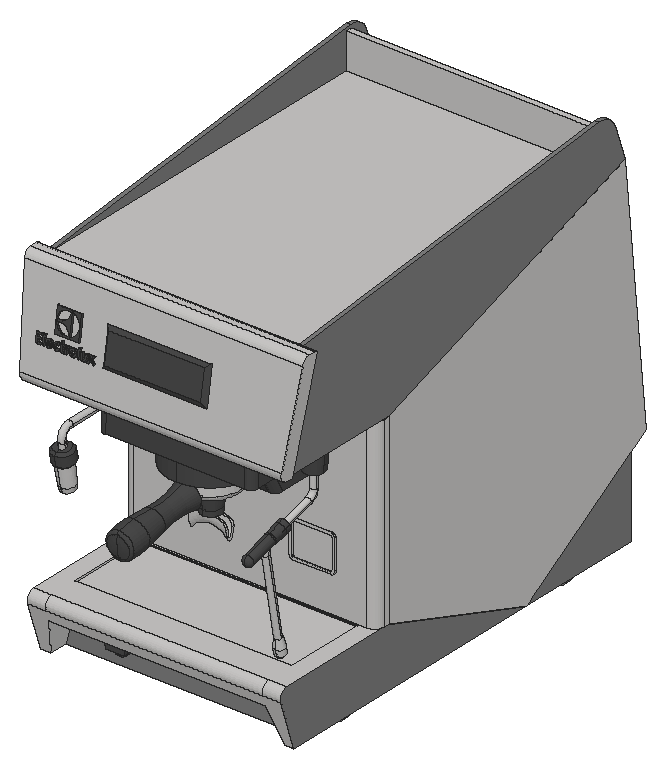
Revit family "QF_ELECTROLUXPROFESSIONAL_602515_MIRA1DHACL", category Specialty Equipment, Revit 2018
Family settings
  Round Connector Dimension = Use Diameter
  Part Type = Normal
  Work Plane-Based = No
  Always vertical = Yes
  Cut with Voids When Loaded = No
  Shared = No
  Room Calculation Point = No
Parameters (values of type "QF_ELECTROLUX_602515_MIRA1DHACL")
  Weight = 41.00 kg
  Watts = 0 W
  Volts = 230 V
  URL Manufacturer = "http://professional.electrolux.com"
  URL = "http://professional.electrolux.com"
  Steam Supply Size = 0 mm
  Steam Supply Minimum Pressure = 0.0 Pa
  Steam Supply Maximum Pressure = 0.0 Pa
  Steam Pounds per Hour = 0
  Show Logo [instance] = yes
  Show Clearance [instance] = yes
  Refrigeration Suction Line Size = 0 mm
  Refrigeration Liquid Line Size = 0 mm
  Refrigerant Compressor Remote = yes
  Manufacturer = "Electrolux"
  Phase = 1
  Model = "MIRA1DHACL"
  Length Actual = 343 mm  # constant formula
  Item Number = "602515"
  Hot Water Size = 0 mm
  Height Actual = 510 mm  # constant formula
  HP = "4 HP"
  Gas Size = 0 mm
  Gas KW = 0
  Gas Input Pressure = 0 W
  Direct Waste Size = 16 mm
  Description = "ESPRESSO  COFFEE WITH CAPSULE (FAP) MACHINE - 1 GROUP - 6.3LT BOILER - 4 PROGRAMMABLE DOSING PROGRAM - STEAM & WATER"
  Depth Actual = 570 mm  # constant formula
  Cycle = 50 Hz
  Condensate Return Size = 0 mm
  Compressed Air Volume = 0.0 L/s
  Compressed Air Size = 0 mm
  Compressed Air Pressure = 0.0 Pa
  Cold Water Size = 9.525 mm
  Accessory = yes
Values of the unnamed type that differ from the named types
  Volts = 0 V
  URL Manufacturer = ""
  Item Number = ""
  Cycle = 0 Hz
Reference planes
  plane 1: z = 0
  plane 2 "LEFT": x = -410
  plane 3 "BACK": y = 240.701
  plane 4 "RIGHT": x = -67
  plane 5 "FRONT": y = -326.299
  plane 6: z = 924.5
  plane 7 "TOP": z = 1408
  plane 8: z = 900
  plane 9: x = -369
  plane 10: y = 175.701
  plane 11: x = -108
  plane 12: y = -215.299
  plane 13: x = -238.5
  plane 14: y = -337.223
Forms (mm)
  Extrusion 1, solid, material "QF_Finishes_Stainless Steel"
    sketch origin (-238.5, 629.85, 4000) x (0, 1, 0) y (0, 0, 1)
      loop
        line (-460.073, -2592.115) -> (-914.968, -2638.979) -> (-938.293, -2773.098) -> (-783.758, -2773.098) -> (-421.875, -2648.701) -> (-437.208, -2606.451)
        arc (-437.208, -2606.451) -> (-446.175, -2595.35) -> (-460.073, -2592.115) r 21.933
    from -155.4 to 155.401
  Extrusion 2, solid, material "QF_Finishes_Stainless Steel"
    sketch origin (-410, 0, 0) x (0, 1, 0) y (0, 0, 1)
      loop
        line (240.701, 1038.425) -> (207.845, 1350.197) -> (-154.613, 1225.602) -> (-154.613, 997.683) -> (58.201, 924.5) -> (240.701, 1038.425)
    from 16.1 to 326.901
  Extrusion 3, solid, material "QF_Finishes_Stainless Steel"
    sketch origin (-410, 0, 0) x (0, 1, 0) y (0, 0, 1)
      loop
        line (217.78, 924.5) -> (217.78, 1022.887) -> (60.091, 924.5) -> (217.78, 924.5)
      loop
        line (-320.294, 983.747) -> (-300.072, 924.5) -> (55.126, 924.5) -> (-155.638, 996.977) -> (-310.83, 996.977)
        arc (-310.83, 996.977) -> (-318.964, 992.795) -> (-320.294, 983.747) r 10
    from 16.1 to 38.086
  Extrusion 4, void
    sketch origin (0, -326.299, 0) x (-1, 0, 0) y (0, 0, 1)
      loop
        line (382.536, 924.5) -> (371.914, 970.529) -> (371.914, 924.5) -> (382.536, 924.5)
    from 0 to 50
  Extrusion 5, solid, material "QF_Finishes_Stainless Steel"
    sketch origin (-67, 0, 0) x (0, 1, 0) y (0, 0, -1)
      loop
        line (217.78, -924.5) -> (60.091, -924.5) -> (217.78, -1022.887) -> (217.78, -924.5)
      loop
        arc (-320.294, -983.747) -> (-318.964, -992.795) -> (-310.83, -996.977) r 10
        line (-310.83, -996.977) -> (-155.638, -996.977) -> (55.126, -924.5) -> (-300.072, -924.5) -> (-320.294, -983.747)
    from 16.099 to 38.086
  Extrusion 6, void
    sketch origin (-477, -326.299, 0) x (1, 0, 0) y (0, 0, -1)
      loop
        line (382.536, -924.5) -> (371.914, -924.5) -> (371.914, -970.529) -> (382.536, -924.5)
    from 0 to 50
  Extrusion 7, solid, material "QF_Finishes_Stainless Steel"
    sketch origin (-410, 0, 0) x (0, 1, 0) y (0, 0, 1)
      loop
        line (-155.638, 996.977) -> (-310.83, 996.977)
        arc (-310.83, 996.977) -> (-318.964, 992.795) -> (-320.294, 983.747) r 10
        line (-320.294, 983.747) -> (-315.783, 970.529) -> (-276.299, 970.529) -> (-276.299, 924.5) -> (55.126, 924.5) -> (-155.638, 996.977)
      loop
        line (217.78, 924.5) -> (217.78, 1022.887) -> (60.091, 924.5) -> (217.78, 924.5)
    from 38.086 to 304.914
  Extrusion 8, void
    sketch origin (-410, 0, 0) x (0, 1, 0) y (0, 0, 1)
      loop
        line (162.193, 1361.021) -> (162.193, 1404.282) -> (169.777, 1404.282) -> (169.777, 1361.021) -> (204.447, 1361.021) -> (192.642, 1393.549)
        arc (192.642, 1393.549) -> (183.675, 1404.65) -> (169.777, 1407.885) r 21.933
        line (169.777, 1407.885) -> (-285.118, 1361.021) -> (162.193, 1361.021)
    from 21.5 to 321.5
  Extrusion 9, solid, material "QF_Finishes_Stainless Steel"
    sketch origin (-238.5, 629.85, 4000) x (0, 1, 0) y (0, 0, 1)
      loop
        arc (-925.259, -2638.388) -> (-932.329, -2640.961) -> (-936.091, -2647.476) r 11
        line (-936.091, -2647.476) -> (-955.981, -2760.187)
        arc (-955.981, -2760.187) -> (-953.576, -2769.168) -> (-945.149, -2773.098) r 11
        line (-945.149, -2773.098) -> (-938.293, -2773.098) -> (-915.171, -2640.145)
        arc (-915.171, -2640.145) -> (-915.501, -2638.922) -> (-916.649, -2638.388) r 1.5
        line (-916.649, -2638.388) -> (-925.259, -2638.388)
    from -171.695 to 171.7
  Extrusion 10, void
    sketch origin (0, -326.299, 0) x (-1, 0, 0) y (0, 0, 1)
      loop
        line (410.195, 1363.821) -> (398.103, 1226.902) -> (410.195, 1226.902) -> (410.195, 1363.821)
      loop
        line (66.805, 1363.821) -> (66.805, 1226.902) -> (78.897, 1226.902) -> (66.805, 1363.821)
    from -7.332 to 47.202
  Extrusion 11, solid, material "QF_Finishes_Black"
    sketch origin (0, -276.299, 0) x (1, 0, 0) y (0, 0, 1)
      loop
        circle (-309.496, 951.662) r 11.814
    from 3 to 8
  Extrusion 12, solid, material "QF_Finishes_Black"
    sketch origin (0, -284.299, 0) x (1, 0, 0) y (0, 0, 1)
      loop
        arc (-298.401, 947.607) -> (-297.683, 951.662) -> (-298.401, 955.718) r 11.814
        line (-298.401, 955.718) -> (-320.592, 955.718)
        arc (-320.592, 955.718) -> (-321.31, 951.662) -> (-320.592, 947.607) r 11.814
        line (-320.592, 947.607) -> (-298.401, 947.607)
    from 0 to 8
  Revolve 13, solid, material "QF_Finishes_Stainless Steel"
    sketch origin (-238.5, 629.85, 4000) x (0, 1, 0) y (0, 0, 1)
      loop
        line (-817.965, -2842.922) -> (-862.927, -2842.922) -> (-862.927, -2897.582) -> (-850.761, -2897.582) -> (-850.761, -2891.234) -> (-847.471, -2870.47) -> (-833.108, -2868.706)
        arc (-833.108, -2868.706) -> (-829.345, -2866.726) -> (-827.839, -2862.75) r 6
        line (-827.839, -2862.75) -> (-827.839, -2847.506) -> (-817.965, -2847.506) -> (-817.965, -2842.922)
      axis (-862.927, -2842.922) -> (-862.927, -2897.582)
    angle from 0 to 360
  Extrusion 14, solid, material "QF_Finishes_Stainless Steel"
    sketch origin (-1150.39, -1414, 1410) x (-1, 0, 0) y (0, -1, 0)
      loop
        line (-756.49, -1259.387) -> (-756.49, -1253.049)
        arc (-756.49, -1253.049) -> (-760.004, -1244.564) -> (-768.49, -1241.049) r 12
        line (-768.49, -1241.049) -> (-1055.291, -1241.049)
        arc (-1055.291, -1241.049) -> (-1063.776, -1244.564) -> (-1067.291, -1253.049) r 12
        line (-1067.291, -1253.049) -> (-1067.291, -1259.387) -> (-756.49, -1259.387)
    from -412.317 to -184.398
  Extrusion 15, void
    sketch origin (-410, -155.319, 996.977) x (1, 0, 0) y (0, -1, 0)
      loop
        line (38.086, 120.98) -> (38.086, 19.632) -> (304.914, 19.632) -> (304.914, 120.98) -> (38.086, 120.98)
    from 0 to 1.6
  Blend 16, solid, material "QF_Finishes_Black"
    base sketch origin (-410.061, -305.898, 1226.902) x (1, 0, 0) y (0, 1, 0)
      loop
        arc (76.024, 27.395) -> (78.953, 20.324) -> (86.024, 17.395) r 10
        line (86.024, 17.395) -> (257.099, 17.395)
        arc (257.099, 17.395) -> (264.171, 20.324) -> (267.099, 27.395) r 10
        line (267.099, 27.395) -> (267.099, 132.947) -> (76.024, 132.947) -> (76.024, 27.395)
    top sketch origin (-410.061, -305.898, 1226.902) x (1, 0, 0) y (0, 1, 0)
      loop
        line (75.024, 132.947) -> (75.024, 27.395)
        arc (75.024, 27.395) -> (78.246, 19.617) -> (86.024, 16.395) r 11
        line (86.024, 16.395) -> (257.099, 16.395)
        arc (257.099, 16.395) -> (264.878, 19.617) -> (268.099, 27.395) r 11
        line (268.099, 27.395) -> (268.099, 132.947) -> (75.024, 132.947)
    from -46.196 to 0
  Blend 17, solid, material "QF_Finishes_Black"
    base sketch origin (-410.061, -305.898, 1180.705) x (0, 1, 0) y (-1, 0, 0)
      loop
        line (132.947, -80.403) -> (69.902, -80.403)
        arc (69.902, -80.403) -> (62.831, -83.332) -> (59.902, -90.403) r 10
        line (59.902, -90.403) -> (59.902, -252.597)
        arc (59.902, -252.597) -> (62.831, -259.668) -> (69.902, -262.597) r 10
        line (69.902, -262.597) -> (132.947, -262.597) -> (132.947, -80.403)
    top sketch origin (-410.061, -305.898, 1180.705) x (1, 0, 0) y (0, 1, 0)
      loop
        line (262.597, 56.902) -> (262.597, 132.947) -> (80.403, 132.947) -> (80.403, 56.902)
        arc (80.403, 56.902) -> (83.332, 49.831) -> (90.403, 46.902) r 10
        line (90.403, 46.902) -> (252.597, 46.902)
        arc (252.597, 46.902) -> (259.668, 49.831) -> (262.597, 56.902) r 10
    from -23.627 to 0
  Extrusion 18, solid, material "QF_Finishes_Black"
    sketch origin (-238.5, -233.077, 1157.078) x (0, 1, 0) y (-1, 0, 0)
      loop
        circle (0, 0) r 53
    from 0 to 23.627
  Sweep 19, solid, material "QF_Finishes_Stainless Steel"
    path origin (0, -233.077, 1102.418) x (0, 0, 1) y (-1, 0, 0)
      loop
        arc (-25.147, 261.5) -> (-13.338, 238.5) -> (-25.147, 215.5) r 28.303
    profile origin (-238.5, -233.077, 1089.08) x (0, 0, 1) y (0, -1, 0)
      loop
        line (13.338, -6) -> (13.338, -4)
        spline (13.338, -4) -> (10.125, -3.809) -> (7.172, -3.26) -> (4.727, -2.419) -> (3.017, -1.422) -> (2.173, -0.529) -> (2, 0) -> (2.173, 0.529) -> (3.017, 1.422) -> (4.727, 2.419) -> (7.172, 3.26) -> (10.125, 3.809) -> (13.338, 4)
        line (13.338, 4) -> (13.338, 6)
        spline (13.338, 6) -> (9.886, 5.796) -> (6.669, 5.196) -> (3.907, 4.243) -> (1.787, 3) -> (0.454, 1.553) -> (0, 0) -> (0.454, -1.553) -> (1.787, -3) -> (3.907, -4.243) -> (6.669, -5.196) -> (9.886, -5.796) -> (13.338, -6)
  Extrusion 20, void
    sketch origin (0, -326.299, 0) x (-1, 0, 0) y (0, 0, 1)
      loop
        line (261.5, 1077.271) -> (272.339, 1085.045)
        arc (272.339, 1085.045) -> (265.498, 1092.48) -> (257.067, 1098.05) r 41.641
        arc (257.067, 1098.05) -> (260.302, 1095.1) -> (261.5, 1090.889) r 8
        line (261.5, 1090.889) -> (261.5, 1077.271)
      loop
        line (215.5, 1077.271) -> (215.5, 1090.889)
        arc (215.5, 1090.889) -> (216.698, 1095.1) -> (219.933, 1098.05) r 8
        arc (219.933, 1098.05) -> (211.502, 1092.48) -> (204.661, 1085.045) r 41.641
        line (204.661, 1085.045) -> (215.5, 1077.271)
    from 87.222 to 99.222
  Extrusion 21, solid, material "QF_Finishes_Stainless Steel"
    sketch origin (-88.5, -172.951, 1410) x (-1, 0, 0) y (0, 0, -1)
      loop
        line (50.201, 325.214) -> (96.276, 325.214)
        arc (96.276, 325.214) -> (97.69, 325.8) -> (98.276, 327.214) r 2
        line (98.276, 327.214) -> (98.276, 363.416)
        arc (98.276, 363.416) -> (97.69, 364.83) -> (96.276, 365.416) r 2
        line (96.276, 365.416) -> (50.201, 365.416)
        arc (50.201, 365.416) -> (48.787, 364.83) -> (48.201, 363.416) r 2
        line (48.201, 363.416) -> (48.201, 327.214)
        arc (48.201, 327.214) -> (48.787, 325.8) -> (50.201, 325.214) r 2
      loop
        arc (96.276, 322.014) -> (99.953, 323.537) -> (101.476, 327.214) r 5.2
        line (101.476, 327.214) -> (101.476, 363.416)
        arc (101.476, 363.416) -> (99.953, 367.093) -> (96.276, 368.616) r 5.2
        line (96.276, 368.616) -> (50.201, 368.616)
        arc (50.201, 368.616) -> (46.524, 367.093) -> (45.001, 363.416) r 5.2
        line (45.001, 363.416) -> (45.001, 327.214)
        arc (45.001, 327.214) -> (46.524, 323.537) -> (50.201, 322.014) r 5.2
        line (50.201, 322.014) -> (96.276, 322.014)
    from 0 to 1.058
  Blend 22, solid, material "QF_Finishes_Black"
    base sketch origin (-238.5, -311.817, 1320.929) x (0, 0.173785, 0.984784) y (-1, 0, 0)
      loop
        line (-5.217, 59.068) -> (-41.447, 59.068) -> (-41.447, -59.068) -> (-5.217, -59.068) -> (-5.217, 59.068)
    top sketch origin (-238.5, -311.817, 1320.929) x (0, 0.173785, 0.984784) y (-1, 0, 0)
      loop
        line (-0.217, 64.068) -> (-46.447, 64.068) -> (-46.447, -64.068) -> (-0.217, -64.068) -> (-0.217, 64.068)
    from 3.335 to 0
  Sweep 23, solid, material "QF_Finishes_Stainless Steel"
    path origin (-363.275, -1524, 1198.69) x (0, 0, 1) y (0, -1, 0)
      loop
        line (-7.758, -1292.863) -> (-17.551, -1292.863) -> (-17.551, -1229.104)
        arc (-17.551, -1229.104) -> (-21.837, -1219.911) -> (-31.634, -1217.286) r 12
        line (-31.634, -1217.286) -> (-38.262, -1218.455)
    profile origin (-363.275, -231.137, 1186.036) x (1, 0, 0) y (0, 1, 0)
      loop
        circle (0, 0) r 3.9
  Revolve 24, solid, material "QF_Finishes_Stainless Steel"
    sketch origin (-363.275, -1524, 1198.69) x (0, 0, 1) y (0, -1, 0)
      loop
        line (-38.262, -1218.455) -> (-87.707, -1227.173) -> (-86.321, -1235.033) -> (-79.345, -1235.382) -> (-54.789, -1231.505) -> (-51.314, -1233.939) -> (-38.962, -1231.761) -> (-36.529, -1228.286) -> (-38.262, -1218.455)
      axis (-38.262, -1218.455) -> (-87.707, -1227.173)
    angle from 0 to 360
  Blend 25, solid, material "QF_Finishes_Black"
    base sketch origin (-410, -305.898, 1226.902) x (1, 0, 0) y (0, 1, 0)
      loop
        circle (46.725, 74.761) r 12
    top sketch origin (-410, -305.898, 1226.902) x (1, 0, 0) y (0, 1, 0)
      loop
        circle (46.725, 74.761) r 15
    from -35.97 to 0
  Sweep 26, solid, material "QF_Finishes_Stainless Steel"
    path origin (-113.725, -1524, 1198.69) x (0, 0, 1) y (0, 1, 0)
      loop
        line (-7.758, 1292.863) -> (-27.343, 1292.863)
        arc (-27.343, 1292.863) -> (-34.598, 1290.422) -> (-38.901, 1284.092) r 12
        line (-38.901, 1284.092) -> (-54.81, 1227.144)
        arc (-54.81, 1227.144) -> (-60.063, 1220.163) -> (-68.658, 1218.593) r 12
        line (-68.658, 1218.593) -> (-168.936, 1238.086)
    profile origin (-113.725, -231.137, 1181.14) x (-1, 0, 0) y (0, -1, 0)
      loop
        circle (0, 0) r 3.9
  Revolve 27, solid, material "QF_Finishes_Stainless Steel"
    sketch origin (-113.725, -1524, 1198.69) x (0, 0, 1) y (0, 1, 0)
      loop
        line (-191.404, 1242.453) -> (-168.936, 1238.086) -> (-168.099, 1242.391) -> (-178.998, 1246.583) -> (-186.663, 1247.861) -> (-189.37, 1246.314) -> (-191.134, 1243.845) -> (-191.404, 1242.453)
      axis (-168.936, 1238.086) -> (-191.404, 1242.453)
    angle from 0 to 360
  Revolve 28, solid, material "QF_Finishes_Black"
    sketch origin (-113.725, -1524, 1198.69) x (0, 0, 1) y (0, 1, 0)
      loop
        line (-49.035, 1247.817) -> (-56.22, 1249.824) -> (-58.186, 1242.787) -> (-61.477, 1228.132) -> (-61.477, 1226.56) -> (-70.435, 1194.494)
        arc (-70.435, 1194.494) -> (-69.86, 1189.735) -> (-66.088, 1186.777) r 6.263
        line (-66.088, 1186.777) -> (-49.035, 1247.817)
      axis (-66.088, 1186.777) -> (-49.035, 1247.817)
    angle from 0 to 360
  Blend 29, solid, material "QF_Finishes_Black"
    base sketch origin (-67, -305.898, 1226.902) x (1, 0, 0) y (0, 1, 0)
      loop
        circle (-46.725, 74.761) r 12
    top sketch origin (-67, -305.898, 1226.902) x (1, 0, 0) y (0, 1, 0)
      loop
        circle (-46.725, 74.761) r 15
    from -35.97 to 0
  Extrusion 30, solid, material "QF_Finishes_Rubber Black"
    sketch origin (-1206.916, -1524, 900) x (-1, 0, 0) y (0, -1, 0)
      loop
        circle (-862.916, -1674.701) r 25
      loop
        circle (-1073.916, -1674.701) r 25
      loop
        circle (-862.916, -1333.701) r 25
      loop
        circle (-1073.916, -1333.701) r 25
    from 0 to 24.5
  Revolve 31, solid, material "QF_Finishes_Stainless Steel"
    sketch origin (-238.5, 629.85, 4000) x (0, 1, 0) y (0, 0, 1)
      loop
        line (-899.923, -2864.244) -> (-899.069, -2872.367) -> (-879.628, -2870.323) -> (-880.482, -2862.201) -> (-899.923, -2864.244)
      axis (-880.482, -2862.201) -> (-899.923, -2864.244)
    angle from 0 to 360
  Revolve 32, solid, material "QF_Finishes_Black"
    sketch origin (-238.5, 629.85, 4000) x (0, 1, 0) y (0, 0, 1)
      loop
        line (-899.923, -2864.244) -> (-1007.024, -2875.501)
        arc (-1007.024, -2875.501) -> (-1005.905, -2882.363) -> (-1003.993, -2889.048) r 59.51
        arc (-1003.993, -2889.048) -> (-1002.616, -2890.927) -> (-1000.426, -2891.72) r 4
        arc (-1000.426, -2891.72) -> (-989.228, -2891.693) -> (-978.1, -2890.45) r 102.918
        arc (-978.1, -2890.45) -> (-964.337, -2887.714) -> (-950.766, -2884.14) r 229.219
        arc (-950.766, -2884.14) -> (-924.661, -2879.508) -> (-898.181, -2880.817) r 118.076
        line (-898.181, -2880.817) -> (-899.923, -2864.244)
      axis (-899.923, -2864.244) -> (-1007.024, -2875.501)
    angle from 0 to 360
  Extrusion 33, solid, material "QF_Clearance", visible <- "Show Clearance", detail levels coarse
    sketch origin (-67, 0, 0) x (0, 1, 0) y (0, 0, 1)
      loop
        line (273.701, 1600) -> (-326.299, 1600) -> (-326.299, 1408) -> (240.701, 1408) -> (240.701, 900) -> (273.701, 900) -> (273.701, 1600)
    from 0 to -343
  Extrusion 34, solid, material "QF_Finishes_Stainless Steel"
    sketch origin (-410, 1523.278, 924.5) x (-1, 0, 0) y (0, 1, 0)
      loop
        circle (-205, -1709.577) r 12
    from 0 to 5
  Extrusion 35, solid, material "QF_Finishes_Stainless Steel"
    sketch origin (-410, 217.78, 925.038) x (0, 0, 1) y (1, 0, 0)
      loop
        circle (34.962, 171.5) r 10
    from 0 to 4.922
Cuts and joins
  Extrusion 4, Extrusion 6, Extrusion 15 cuts Extrusion 3
  Extrusion 6, Extrusion 15 cuts Extrusion 5
  Extrusion 15 cuts Extrusion 7
  joined: Extrusion 3, Extrusion 5, Extrusion 7
  Extrusion 8 cuts Extrusion 1
  Extrusion 10 cuts Extrusion 9
  joined: Extrusion 11, Extrusion 12
  joined: Blend 16, Blend 17, Extrusion 18
  Extrusion 20 cuts Sweep 19
  joined: Revolve 13, Revolve 31
  joined: Sweep 26, Revolve 27
  joined: Sweep 23, Revolve 24
Lines and regions (mm)
  Split face 1
    outline origin (-88.5, -172.951, 1410) x (-1, 0, 0) y (0, 0, -1)
      loop
        arc (50.201, 365.416) -> (48.787, 364.83) -> (48.201, 363.416) r 2
        line (48.201, 363.416) -> (48.201, 327.214)
        arc (48.201, 327.214) -> (48.787, 325.8) -> (50.201, 325.214) r 2
        line (50.201, 325.214) -> (96.276, 325.214)
        arc (96.276, 325.214) -> (97.69, 325.8) -> (98.276, 327.214) r 2
        line (98.276, 327.214) -> (98.276, 363.416)
        arc (98.276, 363.416) -> (97.69, 364.83) -> (96.276, 365.416) r 2
        line (96.276, 365.416) -> (50.201, 365.416)
  Split face 2
    outline origin (-238.5, -315.101, 1321.508) x (0, 0.173785, 0.984784) y (-1, 0, 0)
      loop
        circle (-28.447, -46.068) r 10
  Split face 3
    outline origin (-238.5, -315.101, 1321.508) x (0, 0.173785, 0.984784) y (-1, 0, 0)
      loop
        circle (-28.447, -23.068) r 10
  Split face 4
    outline origin (-238.5, -315.101, 1321.508) x (0, 0.173785, 0.984784) y (-1, 0, 0)
      loop
        circle (-28.447, -0.068) r 10
  Split face 5
    outline origin (-238.5, -315.101, 1321.508) x (0, 0.173785, 0.984784) y (-1, 0, 0)
      loop
        circle (-28.447, 22.932) r 10
  symbolic lines, style "QF_Clearances", visible <- "Show Clearance", detail levels coarse
    curve 1: line (-67, 273.701, 0) -> (-410, 273.701, 0)
  symbolic lines
    curve 2: line (-393.9, 240.701, 0) -> (-393.9, -285.319, 0)
    curve 3: line (-393.9, 240.701, 0) -> (-83.099, 240.701, 0)
    curve 4: line (-393.9, 207.845, 0) -> (-83.099, 207.845, 0)
    curve 5: line (-388.5, 204.447, 0) -> (-88.5, 204.447, 0)
    curve 6: line (-388.5, 204.447, 0) -> (-388.5, -285.319, 0)
    curve 7: line (-388.5, 169.777, 0) -> (-88.5, 169.777, 0)
    curve 8: line (-88.5, -285.319, 0) -> (-88.5, 204.447, 0)
    curve 9: line (-83.099, -285.319, 0) -> (-83.099, 240.701, 0)
    curve 10: spline (-67.863, -306.362, 0) -> (-67.748, -306.137, 0) -> (-67.635, -305.756, 0) -> (-67.528, -305.223, 0) -> (-67.427, -304.546, 0) -> (-67.334, -303.736, 0) -> (-67.25, -302.804, 0) -> (-67.177, -301.765, 0) -> (-67.116, -300.632, 0) -> (-67.066, -299.423, 0) -> (-67.03, -298.155, 0) -> (-67.008, -296.847, 0) -> (-67, -295.519, 0)
    curve 11: line (-77.841, -326.299, 0) -> (-67.863, -306.362, 0)
    curve 12: line (-399.158, -326.299, 0) -> (-77.842, -326.299, 0)
    curve 13: line (-67, -286.798, 0) -> (-67, -295.519, 0)
    curve 14: spline (-67, -295.369, 0) -> (-67.006, -296.652, 0) -> (-67.026, -297.917, 0) -> (-67.059, -299.147, 0) -> (-67.103, -300.326, 0) -> (-67.16, -301.438, 0) -> (-67.227, -302.467, 0) -> (-67.305, -303.4, 0) -> (-67.392, -304.224, 0) -> (-67.486, -304.928, 0) -> (-67.587, -305.501, 0) -> (-67.693, -305.938, 0) -> (-67.803, -306.23, 0)
    curve 15: line (-67.803, -306.23, 0) -> (-77.842, -326.299, 0)
    curve 16: spline (-67.155, -285.319, 0) -> (-67.136, -285.296, 0) -> (-67.117, -285.306, 0) -> (-67.098, -285.347, 0) -> (-67.08, -285.419, 0) -> (-67.063, -285.519, 0) -> (-67.047, -285.647, 0) -> (-67.033, -285.799, 0) -> (-67.022, -285.972, 0) -> (-67.012, -286.163, 0) -> (-67.006, -286.367, 0) -> (-67.001, -286.58, 0) -> (-67, -286.798, 0)
    curve 17: spline (-67, -286.803, 0) -> (-67.001, -286.585, 0) -> (-67.005, -286.371, 0) -> (-67.012, -286.167, 0) -> (-67.022, -285.976, 0) -> (-67.033, -285.803, 0) -> (-67.047, -285.651, 0) -> (-67.063, -285.523, 0) -> (-67.08, -285.422, 0) -> (-67.098, -285.35, 0) -> (-67.117, -285.309, 0) -> (-67.136, -285.299, 0) -> (-67.155, -285.321, 0)
    curve 18: line (-67.155, -285.319, 0) -> (-409.845, -285.319, 0)
    curve 19: spline (-409.137, -306.362, 0) -> (-409.252, -306.137, 0) -> (-409.365, -305.755, 0) -> (-409.472, -305.222, 0) -> (-409.573, -304.545, 0) -> (-409.666, -303.734, 0) -> (-409.75, -302.802, 0) -> (-409.823, -301.761, 0) -> (-409.885, -300.628, 0) -> (-409.934, -299.418, 0) -> (-409.97, -298.15, 0) -> (-409.992, -296.841, 0) -> (-410, -295.512, 0)
    curve 20: line (-399.159, -326.299, 0) -> (-409.137, -306.362, 0)
    curve 21: line (-410, -286.798, 0) -> (-410, -295.512, 0)
    curve 22: spline (-410, -295.557, 0) -> (-409.992, -296.822, 0) -> (-409.971, -298.069, 0) -> (-409.937, -299.279, 0) -> (-409.892, -300.437, 0) -> (-409.835, -301.529, 0) -> (-409.767, -302.539, 0) -> (-409.69, -303.453, 0) -> (-409.604, -304.261, 0) -> (-409.51, -304.951, 0) -> (-409.41, -305.514, 0) -> (-409.306, -305.942, 0) -> (-409.197, -306.23, 0)
    curve 23: line (-409.197, -306.23, 0) -> (-399.158, -326.299, 0)
    curve 24: spline (-409.845, -285.319, 0) -> (-409.864, -285.296, 0) -> (-409.883, -285.306, 0) -> (-409.902, -285.347, 0) -> (-409.92, -285.419, 0) -> (-409.937, -285.519, 0) -> (-409.953, -285.647, 0) -> (-409.967, -285.799, 0) -> (-409.978, -285.972, 0) -> (-409.988, -286.163, 0) -> (-409.994, -286.367, 0) -> (-409.999, -286.58, 0) -> (-410, -286.798, 0)
    curve 25: spline (-410, -286.733, 0) -> (-409.998, -286.522, 0) -> (-409.993, -286.316, 0) -> (-409.986, -286.121, 0) -> (-409.976, -285.938, 0) -> (-409.964, -285.773, 0) -> (-409.951, -285.629, 0) -> (-409.935, -285.508, 0) -> (-409.918, -285.413, 0) -> (-409.901, -285.346, 0) -> (-409.882, -285.308, 0) -> (-409.863, -285.299, 0) -> (-409.845, -285.321, 0)
    curve 26: line (-302.568, -311.854, 0) -> (-174.432, -311.854, 0)
    curve 27: line (-179.432, -316.007, 0) -> (-297.568, -316.007, 0)
    curve 28: line (-297.568, -316.007, 0) -> (-302.568, -311.854, 0)
    curve 29: line (-174.432, -311.854, 0) -> (-179.432, -316.007, 0)
    curve 30: line (-174.432, -311.854, 0) -> (-174.432, -319.889, 0)
    curve 31: line (-179.432, -322.303, 0) -> (-174.432, -319.889, 0)
    curve 32: line (-179.432, -322.303, 0) -> (-179.432, -316.007, 0)
    curve 33: line (-297.568, -322.303, 0) -> (-179.432, -322.303, 0)
    curve 34: line (-297.568, -322.303, 0) -> (-302.568, -319.889, 0)
    curve 35: line (-297.568, -316.007, 0) -> (-297.568, -322.303, 0)
    curve 36: line (-302.568, -319.889, 0) -> (-302.568, -311.854, 0)
    curve 37: arc (-120.025, -331.15, 0) -> (-113.725, -337.45, 0) -> (-107.425, -331.15, 0) r 6.3
    curve 38: line (-120.025, -331.15, 0) -> (-120.025, -326.299, 0)
    curve 39: line (-107.425, -331.15, 0) -> (-107.425, -326.299, 0)
  symbolic lines, style "SpecialityEquipment"
    curve 40: arc (-223.349, -326.299, 0) -> (-221.663, -338.263, 0) -> (-220.609, -350.3, 0) r 229.219
    curve 41: arc (-220.609, -350.3, 0) -> (-220.536, -361.497, 0) -> (-221.68, -372.637, 0) r 102.918
    curve 42: arc (-251.711, -375.997, 0) -> (-238.205, -377.503, 0) -> (-224.71, -375.905, 0) r 59.51
    curve 43: arc (-221.68, -372.637, 0) -> (-222.698, -374.732, 0) -> (-224.71, -375.905, 0) r 4
    curve 44: arc (-253.651, -326.299, 0) -> (-255.337, -338.263, 0) -> (-256.391, -350.3, 0) r 229.219
    curve 45: arc (-256.391, -350.3, 0) -> (-256.464, -361.497, 0) -> (-255.32, -372.637, 0) r 102.918
    curve 46: arc (-255.32, -372.637, 0) -> (-254.095, -374.939, 0) -> (-251.711, -375.997, 0) r 4
Dimensions and locks
  plane 2 "LEFT" to plane 4 "RIGHT" = 343 mm
  plane 3 "BACK" to plane 5 "FRONT" = 567 mm
  equal spacing: plane 2 "LEFT", plane 13, plane 4 "RIGHT"
  Extrusion 34 sketch curve to plane 5 "FRONT" = 140 mm
  plane 2 "LEFT" to Extrusion 34 sketch curve = 205 mm
  aligned and locked: level to plane 1
Automatic sketch dimensions
  Extrusion 2 sketch curve to plane 6 = 0 mm
  plane 12 to Extrusion 2 sketch curve = 60.685 mm
  Extrusion 2 sketch curve to plane 10 = 117.5 mm
  plane 10 to Extrusion 2 sketch curve = 32.143 mm
  plane 3 "BACK" to Extrusion 2 sketch curve = 0 mm
  plane 6 to Extrusion 2 sketch curve = 73.183 mm
  plane 6 to Extrusion 2 sketch curve = 113.925 mm
  Extrusion 2 sketch curve to plane 7 "TOP" = 182.398 mm
  Extrusion 2 sketch curve to plane 7 "TOP" = 57.803 mm
  Extrusion 3 sketch curve to plane 6 = 0 mm  (x2)
  plane 5 "FRONT" to Extrusion 3 sketch curve = 6.004 mm
  plane 5 "FRONT" to Extrusion 3 sketch curve = 15.468 mm
  plane 5 "FRONT" to Extrusion 3 sketch curve = 26.226 mm
  plane 12 to Extrusion 3 sketch curve = 59.661 mm
  Extrusion 3 sketch curve to plane 10 = 120.575 mm
  Extrusion 3 sketch curve to Extrusion 3 sketch curve = 4.964 mm
  Extrusion 3 sketch curve to plane 3 "BACK" = 22.922 mm
  plane 6 to Extrusion 3 sketch curve = 59.247 mm
  Extrusion 3 sketch curve to Extrusion 3 sketch curve = 3.23 mm
  plane 6 to Extrusion 3 sketch curve = 98.387 mm
  Extrusion 4 sketch curve to plane 6 = 0 mm
  Extrusion 4 sketch curve to plane 9 = 2.914 mm
  Extrusion 4 sketch curve to Extrusion 4 sketch curve = 10.622 mm
  plane 6 to Extrusion 4 sketch curve = 46.029 mm
  Extrusion 5 sketch curve to plane 6 = 0 mm  (x2)
  plane 5 "FRONT" to Extrusion 5 sketch curve = 6.004 mm
  plane 5 "FRONT" to Extrusion 5 sketch curve = 15.468 mm
  plane 5 "FRONT" to Extrusion 5 sketch curve = 26.226 mm
  plane 12 to Extrusion 5 sketch curve = 59.661 mm
  Extrusion 5 sketch curve to plane 10 = 120.575 mm
  Extrusion 5 sketch curve to Extrusion 5 sketch curve = 4.964 mm
  Extrusion 5 sketch curve to plane 3 "BACK" = 22.922 mm
  plane 6 to Extrusion 5 sketch curve = 59.247 mm
  Extrusion 5 sketch curve to Extrusion 5 sketch curve = 3.23 mm
  plane 6 to Extrusion 5 sketch curve = 98.387 mm
  Extrusion 6 sketch curve to plane 6 = 0 mm
  Extrusion 6 sketch curve to plane 11 = 2.914 mm
  Extrusion 6 sketch curve to Extrusion 6 sketch curve = 10.622 mm
  Extrusion 6 sketch curve to plane 6 = 46.029 mm
  Extrusion 7 sketch curve to plane 6 = 0 mm  (x2)
  plane 5 "FRONT" to Extrusion 7 sketch curve = 6.004 mm
  plane 5 "FRONT" to Extrusion 7 sketch curve = 10.516 mm
  Extrusion 7 sketch curve to Extrusion 7 sketch curve = 9.464 mm
  Extrusion 7 sketch curve to Extrusion 7 sketch curve = 34.532 mm
  plane 12 to Extrusion 7 sketch curve = 59.661 mm
  Extrusion 7 sketch curve to plane 10 = 120.575 mm
  Extrusion 7 sketch curve to Extrusion 7 sketch curve = 4.964 mm
  Extrusion 7 sketch curve to plane 3 "BACK" = 22.922 mm
  plane 6 to Extrusion 7 sketch curve = 46.029 mm
  Extrusion 7 sketch curve to Extrusion 7 sketch curve = 13.218 mm
  Extrusion 7 sketch curve to Extrusion 7 sketch curve = 3.23 mm
  plane 6 to Extrusion 7 sketch curve = 98.387 mm
  plane 5 "FRONT" to Extrusion 8 sketch curve = 41.18 mm
  Extrusion 8 sketch curve to plane 10 = 13.508 mm
  Extrusion 8 sketch curve to plane 10 = 5.925 mm
  Extrusion 8 sketch curve to plane 7 "TOP" = 0.115 mm
  Extrusion 8 sketch curve to Extrusion 8 sketch curve = 0 mm
  Extrusion 8 sketch curve to plane 10 = 3.677 mm
  Extrusion 8 sketch curve to plane 7 "TOP" = 14.451 mm
  plane 10 to Extrusion 8 sketch curve = 16.941 mm
  plane 10 to Extrusion 8 sketch curve = 28.745 mm
  Extrusion 8 sketch curve to Extrusion 8 sketch curve = 32.528 mm
  Extrusion 8 sketch curve to plane 7 "TOP" = 46.979 mm
  Extrusion 8 sketch curve to plane 7 "TOP" = 3.718 mm
  plane 5 "FRONT" to Extrusion 9 sketch curve = 0.167 mm
  plane 5 "FRONT" to Extrusion 9 sketch curve = 11 mm
  Extrusion 9 sketch curve to Extrusion 9 sketch curve = 6.855 mm
  plane 5 "FRONT" to Extrusion 9 sketch curve = 20.057 mm
  Extrusion 9 sketch curve to Extrusion 9 sketch curve = 10.833 mm
  Extrusion 9 sketch curve to Extrusion 9 sketch curve = 8.61 mm
  Extrusion 9 sketch curve to Extrusion 9 sketch curve = 1.478 mm
  Extrusion 9 sketch curve to plane 7 "TOP" = 181.098 mm
  Extrusion 9 sketch curve to Extrusion 9 sketch curve = 11 mm
  Extrusion 9 sketch curve to plane 7 "TOP" = 57.388 mm
  Extrusion 9 sketch curve to Extrusion 9 sketch curve = 1.912 mm
  Extrusion 9 sketch curve to Extrusion 9 sketch curve = 1.757 mm
  plane 4 "RIGHT" to Extrusion 10 sketch curve = 0.195 mm
  Extrusion 10 sketch curve to plane 4 "RIGHT" = 11.897 mm
  plane 2 "LEFT" to Extrusion 10 sketch curve = 11.897 mm
  Extrusion 10 sketch curve to plane 2 "LEFT" = 0.195 mm
  Extrusion 10 sketch curve to plane 7 "TOP" = 181.098 mm  (x2)
  Extrusion 10 sketch curve to plane 7 "TOP" = 44.179 mm  (x2)
  Extrusion 11 sketch curve to Extrusion 4 = 27.162 mm
  Extrusion 4 to Extrusion 11 sketch curve = 62.418 mm
  Extrusion 12 sketch curve to Extrusion 12 sketch curve = 11.096 mm
  Extrusion 12 sketch curve to Extrusion 12 sketch curve = 0 mm
  Revolve 13 sketch curve to Revolve 13 sketch curve = 0.731 mm
  Revolve 13 sketch curve to Revolve 13 sketch curve = 6 mm
  Revolve 13 sketch curve to Revolve 13 sketch curve = 9.874 mm
  Revolve 13 sketch curve to Revolve 13 sketch curve = 6.348 mm
  Revolve 13 sketch curve to Revolve 13 sketch curve = 20.765 mm
  Revolve 13 sketch curve to Revolve 13 sketch curve = 1.764 mm
  Revolve 13 sketch curve to Revolve 13 sketch curve = 15.244 mm
  Revolve 13 sketch curve to Revolve 13 sketch curve = 27.548 mm
  Revolve 13 sketch curve to Revolve 13 sketch curve = 52.339 mm
  Revolve 13 sketch curve to Revolve 13 sketch curve = 0 mm  (x2)
  Extrusion 14 sketch curve to plane 4 "RIGHT" = 16.099 mm
  plane 11 to Extrusion 14 sketch curve = 12.901 mm
  Extrusion 14 sketch curve to plane 9 = 12.9 mm
  Extrusion 14 sketch curve to Extrusion 14 sketch curve = 12 mm
  plane 12 to Extrusion 14 sketch curve = 60.685 mm
  Extrusion 14 sketch curve to Extrusion 14 sketch curve = 6.338 mm
  Extrusion 15 sketch curve to Extrusion 3 = 0 mm
  Extrusion 3 to Extrusion 15 sketch curve = 19.313 mm
  Extrusion 15 sketch curve to Extrusion 3 = 266.829 mm
  Extrusion 15 sketch curve to Extrusion 3 = 34.532 mm
  Blend 16 sketch curve to Blend 16 sketch curve = 10 mm  (x2)
  Blend 16 sketch curve to Blend 16 sketch curve = 11 mm  (x2)
  Blend 16 to Blend 17 sketch curve = 0 mm  (x2)
  Blend 16 to Blend 17 sketch curve = 14.379 mm
  Blend 16 to Blend 17 sketch curve = 52.506 mm  (x2)
  Blend 16 to Blend 17 sketch curve = 4.503 mm  (x2)
  Blend 17 sketch curve to Blend 17 sketch curve = 10 mm  (x2)
  Blend 16 to Blend 17 sketch curve = 4.379 mm
  Blend 16 to Blend 17 sketch curve = 14.503 mm
  Blend 16 to Blend 17 sketch curve = 39.506 mm
  Sweep 19 sketch curve to Sweep 19 sketch curve = 16.495 mm  (x2)
  Sweep 19 sketch curve to profile plane = 0 mm
  profile plane to Sweep 19 sketch curve = 4 mm
  Sweep 19 sketch curve to profile plane = 13.338 mm
  Sweep 19 sketch curve to profile plane = 4 mm
  Sweep 19 sketch curve to Sweep 19 sketch curve = 2 mm
  Extrusion 20 sketch curve to Extrusion 20 sketch curve = 0 mm  (x6)
  Extrusion 20 sketch curve to Extrusion 20 sketch curve = 8 mm  (x2)
  Extrusion 20 sketch curve to Extrusion 20 sketch curve = 10.839 mm  (x2)
  Extrusion 20 sketch curve to Extrusion 20 sketch curve = 16.495 mm  (x2)
  Extrusion 20 sketch curve to Extrusion 20 sketch curve = 7.773 mm  (x2)
  Extrusion 20 sketch curve to Extrusion 20 sketch curve = 5.844 mm
  Extrusion 20 sketch curve to Extrusion 20 sketch curve = 13.618 mm
  Extrusion 20 sketch curve to Extrusion 20 sketch curve = 3.567 mm  (x2)
  Extrusion 21 sketch curve to Extrusion 21 sketch curve = 0 mm  (x9)
  Extrusion 21 sketch curve to Extrusion 14 = 38.402 mm
  Extrusion 21 sketch curve to Extrusion 21 sketch curve = 3.2 mm
  Extrusion 21 sketch curve to Extrusion 21 sketch curve = 2 mm  (x3)
  Extrusion 21 sketch curve to Extrusion 21 sketch curve = 46.075 mm
  Extrusion 14 to Extrusion 21 sketch curve = 90.303 mm
  Extrusion 21 sketch curve to Extrusion 21 sketch curve = 36.202 mm
  Split face 1 sketch curve to Extrusion 14 = 41.602 mm
  Split face 1 sketch curve to Split face 1 sketch curve = 2 mm  (x3)
  Split face 1 sketch curve to Split face 1 sketch curve = 46.075 mm
  Split face 1 sketch curve to Split face 1 sketch curve = 0 mm
  Split face 1 sketch curve to Extrusion 14 = 87.103 mm
  Split face 1 sketch curve to Split face 1 sketch curve = 36.202 mm
  Blend 22 sketch curve to Blend 22 sketch curve = 36.23 mm
  Blend 22 sketch curve to Blend 22 sketch curve = 46.23 mm
  Split face 2 sketch curve to Blend 22 = 13 mm  (x2)
  Split face 3 sketch curve to Blend 22 = 13 mm
  Split face 3 sketch curve to Blend 22 = 36 mm
  Split face 4 sketch curve to Blend 22 = 13 mm
  Split face 4 sketch curve to Blend 22 = 59 mm
  Split face 5 sketch curve to Blend 22 = 13 mm
  Split face 5 sketch curve to Blend 22 = 36.136 mm
  profile plane to Sweep 23 sketch curve = 0 mm
  Sweep 26 sketch curve to Sweep 26 sketch curve = 2.29 mm
  Sweep 26 sketch curve to Sweep 26 sketch curve = 11.557 mm  (x2)
  Sweep 26 sketch curve to Sweep 26 sketch curve = 15.91 mm
  Sweep 26 sketch curve to Sweep 26 sketch curve = 3.229 mm
  Sweep 26 sketch curve to Sweep 26 sketch curve = 100.279 mm
  Sweep 26 sketch curve to Sweep 26 sketch curve = 19.585 mm
  Sweep 26 sketch curve to profile plane = 0 mm  (x2)
  Revolve 27 sketch curve to Revolve 27 sketch curve = 0.271 mm
  Revolve 27 sketch curve to Revolve 27 sketch curve = 1.763 mm
  Revolve 27 sketch curve to Revolve 27 sketch curve = 2.707 mm
  Revolve 27 sketch curve to Revolve 27 sketch curve = 7.665 mm
  Revolve 27 sketch curve to Revolve 27 sketch curve = 10.062 mm
  Revolve 27 sketch curve to Revolve 27 sketch curve = 2.469 mm
  Revolve 27 sketch curve to Revolve 27 sketch curve = 0.27 mm
  Revolve 27 sketch curve to Revolve 27 sketch curve = 1.547 mm
  Revolve 27 sketch curve to Revolve 27 sketch curve = 0 mm  (x2)
  Revolve 27 sketch curve to Revolve 27 sketch curve = 2.012 mm
  Revolve 27 sketch curve to Revolve 27 sketch curve = 0.391 mm
  Revolve 28 sketch curve to Revolve 28 sketch curve = 1.685 mm
  Revolve 28 sketch curve to Revolve 28 sketch curve = 2.926 mm
  Revolve 28 sketch curve to Revolve 28 sketch curve = 3.29 mm
  Revolve 28 sketch curve to Revolve 28 sketch curve = 1.966 mm
  Revolve 28 sketch curve to Revolve 28 sketch curve = 1.572 mm
  Revolve 28 sketch curve to Revolve 28 sketch curve = 2.179 mm
  Revolve 28 sketch curve to Revolve 28 sketch curve = 6.727 mm
  Sweep 23 sketch curve to profile plane = 0 mm
  Sweep 23 sketch curve to Sweep 23 sketch curve = 2.084 mm
  Sweep 23 sketch curve to Sweep 23 sketch curve = 12 mm
  Sweep 23 sketch curve to Sweep 23 sketch curve = 6.628 mm
  Sweep 23 sketch curve to Sweep 23 sketch curve = 9.792 mm
  Revolve 24 sketch curve to Revolve 24 sketch curve = 1.386 mm
  Revolve 24 sketch curve to Revolve 24 sketch curve = 6.976 mm
  Revolve 24 sketch curve to Revolve 24 sketch curve = 0 mm  (x2)
  Revolve 24 sketch curve to Revolve 24 sketch curve = 9.848 mm
  Revolve 24 sketch curve to Revolve 24 sketch curve = 2.433 mm  (x2)
  Revolve 24 sketch curve to Revolve 24 sketch curve = 3.475 mm  (x2)
  Revolve 24 sketch curve to Revolve 24 sketch curve = 24.556 mm
  Revolve 24 sketch curve to Revolve 24 sketch curve = 12.352 mm
  Revolve 24 sketch curve to Revolve 24 sketch curve = 0.7 mm
  Extrusion 30 sketch curve to plane 11 = 25 mm  (x2)
  plane 9 to Extrusion 30 sketch curve = 25 mm  (x2)
  Extrusion 30 sketch curve to plane 10 = 25 mm  (x2)
  plane 12 to Extrusion 30 sketch curve = 25 mm  (x2)
  Sweep 23 sketch curve to Sweep 23 sketch curve = 63.759 mm
  Sweep 23 sketch curve to Sweep 23 sketch curve = 1.169 mm
  Revolve 24 sketch curve to Revolve 24 sketch curve = 0.349 mm
  Revolve 24 sketch curve to Revolve 24 sketch curve = 1.443 mm
  Revolve 24 sketch curve to Revolve 24 sketch curve = 2.178 mm
  Revolve 24 sketch curve to Revolve 24 sketch curve = 1.736 mm
  Sweep 26 sketch curve to Sweep 26 sketch curve = 8.551 mm
  Sweep 26 sketch curve to Sweep 26 sketch curve = 53.719 mm
  Sweep 26 sketch curve to Sweep 26 sketch curve = 19.492 mm
  Revolve 27 sketch curve to Revolve 27 sketch curve = 0.837 mm
  Revolve 27 sketch curve to Revolve 27 sketch curve = 4.306 mm
  Revolve 28 sketch curve to Revolve 28 sketch curve = 7.185 mm
  Revolve 28 sketch curve to Revolve 28 sketch curve = 6.032 mm  (x2)
  Revolve 28 sketch curve to Revolve 28 sketch curve = 33.751 mm
  Revolve 28 sketch curve to Revolve 28 sketch curve = 14.655 mm
  Revolve 28 sketch curve to Revolve 28 sketch curve = 0 mm
  Revolve 28 sketch curve to Revolve 28 sketch curve = 7.801 mm
  Revolve 28 sketch curve to Revolve 28 sketch curve = 24.078 mm
  Revolve 31 sketch curve to Revolve 31 sketch curve = 108.028 mm
  Revolve 31 sketch curve to Revolve 31 sketch curve = 0.854 mm
  Revolve 31 sketch curve to Revolve 31 sketch curve = 13.344 mm
  Revolve 31 sketch curve to Revolve 31 sketch curve = 11.354 mm
  Revolve 31 sketch curve to Revolve 31 sketch curve = 8.123 mm
  Revolve 31 sketch curve to Revolve 31 sketch curve = 18.587 mm
  Revolve 32 sketch curve to Revolve 32 sketch curve = 6.806 mm
  Revolve 32 sketch curve to Revolve 32 sketch curve = 47.908 mm
  Revolve 32 sketch curve to Revolve 32 sketch curve = 1.742 mm
  Revolve 32 sketch curve to Revolve 32 sketch curve = 109.623 mm
  Revolve 32 sketch curve to Revolve 32 sketch curve = 6.909 mm
  Revolve 32 sketch curve to Revolve 32 sketch curve = 12.224 mm
  Revolve 32 sketch curve to Revolve 32 sketch curve = 5.126 mm
  Revolve 32 sketch curve to Revolve 32 sketch curve = 86.56 mm
  Revolve 32 sketch curve to Revolve 32 sketch curve = 19.859 mm
  Revolve 32 sketch curve to Revolve 32 sketch curve = 0.927 mm
  Revolve 32 sketch curve to Revolve 32 sketch curve = 0 mm  (x3)
  Revolve 32 sketch curve to Revolve 32 sketch curve = 2.087 mm
  Revolve 32 sketch curve to Revolve 32 sketch curve = 0.097 mm
  Revolve 32 sketch curve to Revolve 32 sketch curve = 16.573 mm
  Revolve 31 sketch curve to Revolve 31 sketch curve = 18.932 mm
  Revolve 13 sketch curve to Revolve 13 sketch curve = 12.166 mm
  Revolve 13 sketch curve to Revolve 13 sketch curve = 3.29 mm
  Revolve 13 sketch curve to Revolve 13 sketch curve = 13.632 mm
  Blend 16 sketch curve to Blend 16 sketch curve = 171.076 mm  (x2)
  Blend 16 sketch curve to Blend 16 sketch curve = 105.552 mm  (x2)
  Sweep 19 sketch curve to Sweep 19 sketch curve = 23 mm
  Extrusion 20 sketch curve to Extrusion 20 sketch curve = 23 mm
  Extrusion 20 sketch curve to Extrusion 20 sketch curve = 30 mm
  Blend 22 sketch curve to Blend 22 sketch curve = 118.136 mm
  Blend 22 sketch curve to Blend 22 sketch curve = 128.136 mm
  Revolve 32 sketch curve to Revolve 32 sketch curve = 8.876 mm
  Revolve 32 sketch curve to Revolve 32 sketch curve = 11.952 mm
  Revolve 32 sketch curve to Revolve 32 sketch curve = 19.034 mm
  Revolve 32 sketch curve to Revolve 32 sketch curve = 124.572 mm
  plane 3 "BACK" to Extrusion 33 sketch curve = 33 mm
  plane 7 "TOP" to Extrusion 33 sketch curve = 192 mm
  Extrusion 33 sketch curve to plane 7 "TOP" = 0 mm
  Extrusion 33 sketch curve to plane 3 "BACK" = 0 mm
  Extrusion 33 sketch curve to plane 5 "FRONT" = 0 mm
  Extrusion 33 sketch curve to plane 8 = 0 mm
  Extrusion 3 to Extrusion 35 sketch curve = 35.5 mm
  Extrusion 35 sketch curve to Extrusion 3 = 133.414 mm
  plane 5 "FRONT" to Extrusion 1 sketch curve = 17.855 mm
  plane 5 "FRONT" to Extrusion 1 sketch curve = 41.18 mm
  plane 12 to Extrusion 1 sketch curve = 61.39 mm
  Extrusion 1 sketch curve to plane 7 "TOP" = 0.115 mm
  Extrusion 1 sketch curve to plane 10 = 5.925 mm
  Extrusion 1 sketch curve to plane 10 = 3.677 mm
  Extrusion 1 sketch curve to plane 7 "TOP" = 14.451 mm
  plane 10 to Extrusion 1 sketch curve = 16.941 mm
  plane 10 to Extrusion 1 sketch curve = 32.273 mm
  Extrusion 1 sketch curve to plane 7 "TOP" = 46.979 mm
  Extrusion 1 sketch curve to Extrusion 1 sketch curve = 42.25 mm
  Extrusion 1 sketch curve to Extrusion 1 sketch curve = 134.119 mm
  curve 1 to plane 2 "LEFT" = 0 mm
  curve 25 to plane 2 "LEFT" = 0 mm
  curve 24 to plane 2 "LEFT" = 0 mm
  curve 22 to plane 2 "LEFT" = 0 mm
  curve 2 to plane 3 "BACK" = 0 mm
  curve 40 to plane 2 "LEFT" = 39.403 mm
  plane 2 "LEFT" to curve 18 = 0.155 mm
  plane 2 "LEFT" to curve 23 = 0.803 mm
  curve 22 to curve 20 = 0.06 mm
  plane 2 "LEFT" to curve 12 = 10.842 mm
  plane 2 "LEFT" to curve 2 = 16.1 mm
  curve 4 to curve 6 = 5.4 mm
  curve 41 to plane 5 "FRONT" = 30.27 mm
  plane 9 to curve 41 = 45.663 mm
  plane 5 "FRONT" to curve 36 = 6.41 mm
  curve 41 to curve 36 = 20.769 mm
  curve 34 to curve 35 = 5 mm
  curve 46 to plane 13 = 12.869 mm
  plane 13 to curve 42 = 0.09 mm
  plane 13 to curve 43 = 12.869 mm
  plane 5 "FRONT" to curve 33 = 3.995 mm
  plane 13 to curve 33 = 59.068 mm
  plane 5 "FRONT" to curve 31 = 6.41 mm
  curve 31 to curve 31 = 5 mm
  plane 11 to curve 5 = 19.5 mm
  curve 9 to plane 4 "RIGHT" = 16.099 mm
  curve 12 to plane 4 "RIGHT" = 10.842 mm
  curve 11 to plane 4 "RIGHT" = 0.863 mm
  curve 10 to curve 15 = 0.06 mm
  curve 18 to plane 4 "RIGHT" = 0.155 mm
  curve 13 to plane 4 "RIGHT" = 0 mm
  plane 4 "RIGHT" to curve 44 = 39.403 mm
  curve 45 to plane 5 "FRONT" = 30.27 mm
  curve 44 to plane 5 "FRONT" = 37.962 mm
  curve 40 to plane 5 "FRONT" = 37.962 mm
  curve 43 to plane 5 "FRONT" = 45.713 mm
  curve 46 to curve 43 = 0 mm
  curve 37 to plane 5 "FRONT" = 4.852 mm
  plane 5 "FRONT" to curve 42 = 8.306 mm
  curve 33 to curve 35 = 6.296 mm
  curve 27 to curve 30 = 4.153 mm
  plane 5 "FRONT" to curve 11 = 19.936 mm
  plane 5 "FRONT" to curve 20 = 19.936 mm
  curve 10 to curve 15 = 0.132 mm
  curve 20 to curve 23 = 0.132 mm
  curve 14 to curve 13 = 10.712 mm
  curve 23 to curve 21 = 10.719 mm
  curve 10 to curve 13 = 8.721 mm
  curve 21 to curve 21 = 8.714 mm
  curve 16 to curve 18 = 1.479 mm
  plane 10 to curve 8 = 28.745 mm
  curve 25 to curve 18 = 0.023 mm
  curve 25 to curve 24 = 0 mm  (x2)
  plane 2 "LEFT" to curve 22 = 0.969 mm
  curve 22 to curve 19 = 0 mm
  curve 20 to curve 12 = 0.001 mm
  curve 45 to plane 13 = 17.891 mm
  curve 44 to curve 45 = 0 mm
  curve 46 to curve 45 = 0 mm
  curve 42 to curve 46 = 0.342 mm
  plane 13 to curve 40 = 15.151 mm
  curve 41 to curve 43 = 0 mm
  plane 11 to curve 39 = 0.575 mm
  curve 12 to curve 11 = 0.001 mm
  curve 10 to plane 4 "RIGHT" = 0.969 mm
  curve 10 to curve 14 = 0 mm
  curve 18 to curve 17 = 0 mm
  curve 16 to curve 16 = 0.132 mm
  curve 16 to curve 17 = 0 mm
  plane 4 "RIGHT" to curve 17 = 0 mm
  plane 4 "RIGHT" to curve 1 = 0 mm
  plane 4 "RIGHT" to curve 14 = 0 mm
  curve 38 to curve 37 = 0 mm
  curve 10 to curve 11 = 0.065 mm
  curve 19 to curve 19 = 0.065 mm
  curve 19 to curve 22 = 0.035 mm
  curve 10 to curve 14 = 0.035 mm
  curve 22 to curve 19 = 0.045 mm
  curve 17 to curve 16 = 0.005 mm
  curve 25 to curve 24 = 0.005 mm
  curve 24 to curve 25 = 0.064 mm
  curve 25 to curve 24 = 0.003 mm
  curve 17 to curve 18 = 0.003 mm
  curve 7 to plane 10 = 5.925 mm
  curve 5 to curve 4 = 3.398 mm
  plane 3 "BACK" to curve 1 = 33 mm
  curve 30 to curve 45 = 20.769 mm
  curve 37 to plane 11 = 5.725 mm
  curve 43 to curve 42 = 0 mm
  curve 44 to plane 5 "FRONT" = 0 mm
  Revolve 13 sketch curve to plane 12 = 17.778 mm
  plane 6 to Revolve 13 sketch curve = 177.918 mm
  Extrusion 1 to Blend 16 sketch curve = 19.043 mm  (x2)
  Blend 16 sketch curve to Extrusion 1 = 59.863 mm
  Blend 16 sketch curve to Extrusion 1 = 58.863 mm
  Sweep 19 sketch curve to plane 13 = 0 mm
  plane 6 to Sweep 19 sketch curve = 136.277 mm
  Extrusion 20 sketch curve to plane 13 = 0 mm
  plane 6 to Extrusion 20 sketch curve = 136.277 mm
  Blend 22 sketch curve to Extrusion 9 = 40.921 mm
  Extrusion 9 to Blend 22 sketch curve = 112.632 mm
  Blend 22 sketch curve to Extrusion 9 = 35.921 mm
  Extrusion 9 to Blend 22 sketch curve = 107.632 mm
  Revolve 31 sketch curve to plane 12 = 54.774 mm
  plane 6 to Revolve 31 sketch curve = 203.133 mm
  Revolve 32 sketch curve to plane 5 "FRONT" = 59.751 mm
  plane 6 to Revolve 32 sketch curve = 78.152 mm
  plane 5 "FRONT" to Sweep 26 sketch curve = 20.892 mm
  plane 6 to Sweep 26 sketch curve = 205.533 mm
  plane 6 to Revolve 27 sketch curve = 82.786 mm
  plane 5 "FRONT" to Revolve 27 sketch curve = 40.384 mm
  Revolve 28 sketch curve to plane 14 = 0 mm
  plane 6 to Revolve 28 sketch curve = 208.102 mm
  Blend 29 sketch curve to Extrusion 1 = 30.626 mm  (x2)
  Extrusion 1 to Blend 29 sketch curve = 77.229 mm  (x2)
  plane 5 "FRONT" to Sweep 23 sketch curve = 19.585 mm
  Sweep 23 sketch curve to plane 7 "TOP" = 240.944 mm
  plane 5 "FRONT" to Revolve 24 sketch curve = 29.472 mm
  plane 6 to Revolve 24 sketch curve = 186.483 mm
  Blend 25 sketch curve to Extrusion 1 = 30.625 mm  (x2)
  Extrusion 1 to Blend 25 sketch curve = 77.229 mm  (x2)
  radius of Extrusion 11 sketch curve = 11.814 mm
  radius of Extrusion 12 sketch curve to Extrusion 11 = 0 mm  (x2)
  radius of Revolve 13 to Extrusion 18 sketch curve = 8.038 mm
  radius of Split face 2 sketch curve = 10 mm
  radius of Split face 3 sketch curve = 10 mm
  radius of Split face 4 sketch curve = 10 mm
  radius of Split face 5 sketch curve = 10 mm
  radius of Sweep 23 sketch curve = 3.9 mm
  radius of Blend 25 sketch curve = 12 mm
  radius of Blend 25 sketch curve = 15 mm
  radius of Sweep 26 sketch curve = 3.9 mm
  radius of Blend 29 sketch curve = 12 mm
  radius of Blend 29 sketch curve = 15 mm
  radius of Extrusion 30 sketch curve = 25 mm  (x4)
  radius of Extrusion 34 sketch curve = 12 mm
  radius of Extrusion 35 sketch curve = 10 mm
Nested families
  nested 1: "ELX_Logo_Symbol_S" at (-347.709, -314.461, 1305.943) x (-1, 0, 0) z (0, -0.9848, 0.1738), visible <- "Show Logo", type "ELX_Logo_Symbol_S"
    with M QF_Finishes_Black
  nested 2: "ELX_Logo_S_New" at (-347.709, -318.846, 1281.098) x (1, 0, 0) z (0, -0.9848, 0.1738), visible <- "Show Logo", type "ELX_Logo_S_New"
    with M QF_Finishes_Black
Connectors
  electrical at (-238.5, 222.701, 960), driven by "Volts"
    settings: on Extrusion 35, index 1, voltage 230 V, apparent load 0 VA, apparent load phase1 0 VA, apparent load phase2 0 VA, apparent load phase3 0 VA, power factor 1, load classification "Altro", number of poles 1, system type 30, power factor state 1, is connector primary yes, connector utility no, sub classification motor no, connector description "Electrical Connection"
  piping at (-205, -186.299, 919.5), diameter 9.525, driven by "Cold Water Size"
    settings: on Extrusion 34, index 2, connector inside diameter 609.6 mm, connector length 0 mm, flow factor 0, pipe flow 0.0 L/s, pressure drop 0.0 Pa, fitting loss kfactor 0, connector angle 0.00°, fixture units 0, engagement length 0 mm, angle of deflection 0.00°, flow configuration 1, flow direction 1, fitting loss method 0, system type 20, joint type 0, gender type 0, connector reference index -1, connector utility 0, adjustable connector no, is connector primary yes, connector description "Cold Water Inlet"
Definition of nested family "ELX_Logo_Symbol_S"
  Parameters
    Default Elevation = 0 mm
    M [instance] = none
  Reference planes
    plane 1 "Centro (Fronte/Retro)": y = 0
    plane 2: z = 0
    plane 3 "Centro (Sinistra/Destra)": x = 0
  Forms (mm)
    Extrusion 1, solid
      sketch origin (0, 0, 0) x (1, 0, 0) y (0, 1, 0)
        loop
          line (-1219.2, 1219.2) -> (-1219.2, -1219.2) -> (1219.2, -1219.2) -> (1219.2, 1219.2) -> (-1219.2, 1219.2)
      from 0 to -304.8
    Extrusion 2, solid, material <- "M"
      sketch origin (94.462, 558.781, 0) x (1, 0, 0) y (0, 1, 0)
        loop
          line (-98.453, -572.308) -> (-98.453, -545.315)
          arc (-98.453, -545.315) -> (-108.431, -558.811) -> (-98.453, -572.308) r 14.117
        loop
          arc (-97.08, -572.308) -> (-85.854, -569.756) -> (-80.446, -559.594) r 13.834
          line (-80.446, -559.594) -> (-84.911, -559.594)
          arc (-84.911, -559.594) -> (-92.889, -562.832) -> (-97.08, -570.353) r 12.967
          line (-97.08, -570.353) -> (-97.08, -572.308)
        loop
          arc (-97.08, -547.27) -> (-92.889, -554.791) -> (-84.911, -558.029) r 12.967
          line (-84.911, -558.029) -> (-80.446, -558.029)
          arc (-80.446, -558.029) -> (-85.845, -547.783) -> (-97.08, -544.968) r 14.196
          line (-97.08, -544.968) -> (-97.08, -547.27)
        loop
          line (-79.421, -573.781) -> (-79.421, -543.781) -> (-109.462, -543.781) -> (-109.462, -573.781) -> (-79.421, -573.781)
      from 0 to 1.644
  Dimensions and locks
    aligned and locked: plane 2 to Extrusion 1
    aligned and locked: level to Extrusion 1
Definition of nested family "ELX_Logo_S_New"
  Parameters
    Default Elevation = 0 mm
    M [instance] = none
  Reference planes
    plane 1 "Centro (Fronte/Retro)": y = 0
    plane 2: z = 0
    plane 3 "Centro (Sinistra/Destra)": x = 0
  Forms (mm)
    Extrusion 1, solid
      sketch origin (0, 0, 0) x (1, 0, 0) y (0, 1, 0)
        loop
          line (-1219.2, 1219.2) -> (-1219.2, -1219.2) -> (1219.2, -1219.2) -> (1219.2, 1219.2) -> (-1219.2, 1219.2)
      from 0 to -304.8
    Extrusion 2, solid, material <- "M"
      sketch origin (0, 0, 0) x (1, 0, 0) y (0, 1, 0)
        loop
          spline (-32.537, -4.135) -> (-32.702, -4.128) -> (-32.877, -4.105) -> (-33.059, -4.064) -> (-33.242, -4.002) -> (-33.422, -3.916) -> (-33.593, -3.803) -> (-33.751, -3.66) -> (-33.891, -3.486) -> (-34.008, -3.276) -> (-34.098, -3.029) -> (-34.155, -2.741) -> (-34.176, -2.41)
          line (-34.176, -2.41) -> (-34.176, -0.943) -> (-29.331, -0.943) -> (-29.331, 0.928) -> (-34.176, 0.928) -> (-34.176, 3.652) -> (-29.023, 3.652) -> (-29.023, 5.518) -> (-36.159, 5.518) -> (-36.159, -2.326)
          spline (-36.159, -2.326) -> (-36.142, -2.808) -> (-36.088, -3.263) -> (-35.996, -3.688) -> (-35.867, -4.083) -> (-35.698, -4.445) -> (-35.489, -4.773) -> (-35.239, -5.066) -> (-34.946, -5.322) -> (-34.61, -5.539) -> (-34.23, -5.716) -> (-33.804, -5.851) -> (-33.332, -5.943)
          line (-33.332, -5.943) -> (-32.554, -5.999) -> (-28.885, -5.999) -> (-28.885, -4.135) -> (-32.537, -4.135)
        loop
          line (-27.476, 0.076) -> (-27.476, -6.002) -> (-25.492, -6.002) -> (-25.492, 5.521) -> (-27.476, 5.521) -> (-27.476, 0.076)
        loop
          spline (-15.702, -2.321) -> (-15.689, -1.697) -> (-15.749, -1.094) -> (-15.879, -0.516) -> (-16.078, 0.029) -> (-16.341, 0.538) -> (-16.668, 1.004) -> (-17.055, 1.422) -> (-17.5, 1.786) -> (-17.999, 2.091) -> (-18.552, 2.331) -> (-19.154, 2.5) -> (-19.804, 2.594)
          spline (-19.804, 2.594) -> (-20.422, 2.558) -> (-21.009, 2.453) -> (-21.56, 2.28) -> (-22.072, 2.042) -> (-22.54, 1.743) -> (-22.96, 1.385) -> (-23.327, 0.97) -> (-23.638, 0.502) -> (-23.887, -0.018) -> (-24.07, -0.586) -> (-24.183, -1.2) -> (-24.222, -1.857)
          spline (-24.222, -1.857) -> (-24.184, -2.498) -> (-24.074, -3.097) -> (-23.895, -3.652) -> (-23.651, -4.16) -> (-23.344, -4.618) -> (-22.979, -5.023) -> (-22.559, -5.374) -> (-22.087, -5.667) -> (-21.567, -5.899) -> (-21.003, -6.068) -> (-20.397, -6.172) -> (-19.754, -6.207)
          spline (-19.754, -6.207) -> (-19.44, -6.2) -> (-19.13, -6.176) -> (-18.823, -6.135) -> (-18.52, -6.074) -> (-18.221, -5.993) -> (-17.925, -5.89) -> (-17.634, -5.762) -> (-17.346, -5.609) -> (-17.062, -5.43) -> (-16.782, -5.221) -> (-16.506, -4.983) -> (-16.234, -4.713)
          line (-16.234, -4.713) -> (-17.429, -3.55)
          spline (-17.429, -3.55) -> (-17.587, -3.702) -> (-17.745, -3.841) -> (-17.906, -3.967) -> (-18.07, -4.08) -> (-18.239, -4.181) -> (-18.415, -4.268) -> (-18.599, -4.343) -> (-18.792, -4.404) -> (-18.996, -4.452) -> (-19.213, -4.486) -> (-19.443, -4.506) -> (-19.688, -4.513)
          spline (-19.688, -4.513) -> (-20.047, -4.496) -> (-20.383, -4.443) -> (-20.696, -4.358) -> (-20.984, -4.24) -> (-21.246, -4.092) -> (-21.479, -3.915) -> (-21.683, -3.711) -> (-21.856, -3.48) -> (-21.997, -3.224) -> (-22.104, -2.945) -> (-22.176, -2.643) -> (-22.212, -2.321)
          line (-22.212, -2.321) -> (-15.702, -2.321)
